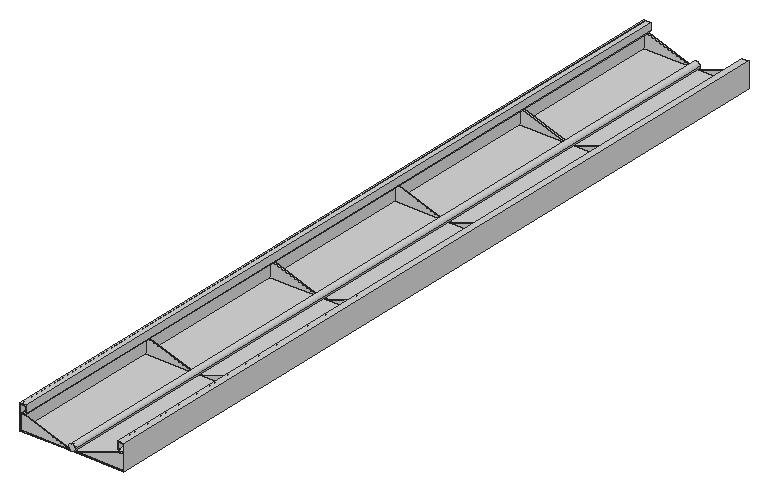
Revit family "LGW_LGW HINGED INS CORNER 3_1923515", category Generic Models, Revit 2018
Family settings
  Can host rebar = No
  Round Connector Dimension = Use Diameter
  Part Type = Normal
  OmniClass Number = 35.51.14.00
  OmniClass Title = FORMWORK
  Work Plane-Based = Yes
  Always vertical = No
  Cut with Voids When Loaded = No
  Shared = Yes
  Room Calculation Point = No
Parameters
  VERSION = "20190101"  # constant formula
  URL = "www.ulmaconstruction.com/en"
  UNICLASS = ""
  REAL ANGLE [instance] = if(ANGLE < 51.00°, 51.00°, if(ANGLE < 245.00°, ANGLE, 245.00°))  # 180.00°
  ITEM_CODE = "1923515"
  Manufacturer = "ULMA CONSTRUCTION"  # constant formula
  INSERTION PLANE POSITION [instance] = if(26.207 mm - INSERTION PLANE CALCULATION < 0.000 mm, 0.000 mm, 26.207 mm - INSERTION PLANE CALCULATION)  # 26.207 mm
  INSERTION PLANE CALCULATION [instance] = if(REAL ANGLE = 180.00°, 0.000 mm, (12.500 mm * sin(90.00° - REAL ANGLE) + 12.500 mm) * tan(90.00° - REAL ANGLE) + 12.500 mm * cos(90.00° - REAL ANGLE))  # 0.000 mm
  FILTER [instance] = ""
  Default Elevation = 0.000 mm
  CLASSIFICATION_TITLE = ""
  CLASSIFICATION_NUMBER = ""
  ANGLE [instance] = 180.00°
Reference planes
  plane 1 "Centro (Frontal/Posterior)": y = 0
  plane 2: z = 0
  plane 3 "Centro (Izquierda/Derecha)": x = 0
  plane 4 "ITEM_HEIGHT": y = 3000
  plane 5 "CENTER": z = 12.5
  plane 6 "INSERTION PLANE": x = 0
  plane 7 "INSERTION PLANE BASE": x = 26.207
Lines and regions (mm)
  reference lines
    curve 1: line (0, 0, 12.5) -> (311.15, 0, 12.5)
Dimensions and locks
  locked: plane 1 "Centro (Frontal/Posterior)" to plane 4 "ITEM_HEIGHT" at 3000
  locked: plane 7 "INSERTION PLANE BASE" to plane 3 "Centro (Izquierda/Derecha)" at 26.207
  "INSERTION PLANE POSITION": plane 7 "INSERTION PLANE BASE" to plane 6 "INSERTION PLANE"
  "REAL ANGLE": angle curve 1 to plane 5 "CENTER"
  aligned and locked: level to plane 2
  aligned and locked: plane 3 "Centro (Izquierda/Derecha)" to curve 1
  aligned and locked: plane 5 "CENTER" to curve 1
  aligned and locked: plane 4 "ITEM_HEIGHT" to nested 2
Nested families
  nested 1: "MEDIA ESCUADRA 3000 - 1923519_PANELS" at (0, 0, 0), type "MEDIA ESCUADRA 3000 - 1923519_PANELS"
    with FILTER ""
  nested 2: "MEDIA ESCUADRA 3000 - 1923519_PANELS" at (0, 3000, 0) x (-1, 0, 0) z (0, 0, 1), type "MEDIA ESCUADRA 3000 - 1923519_PANELS"
    with FILTER ""
Definition of nested family "MEDIA ESCUADRA 3000 - 1923519_PANELS"
  Parameters (values of type "MEDIA ESCUADRA 3000 - 1923519_PANELS")
    VERSION = "20190101"  # constant formula
    URL = "www.ulmaconstruction.com/en"
    UNICLASS = ""
    Manufacturer = "ULMA CONSTRUCTION"  # constant formula
    FILTER [instance] = ""
    Default Elevation = 0.000 mm
    CLASSIFICATION_TITLE = ""
    CLASSIFICATION_NUMBER = ""
  Reference planes
    plane 1 "Centro (Frontal/Posterior)": y = 0
    plane 2: z = 0
    plane 3 "Centro (Izquierda/Derecha)": x = 0
  Forms (mm)
    Extrusion 1, solid, detail levels fine
      sketch origin (0, 0, 0) x (1, 0, 0) y (0, 0, 1)
        loop
          line (-200, 96.5) -> (-200, 0) -> (-8, 0) -> (-8, 2.5) -> (-197.5, 2.5) -> (-197.5, 59) -> (-184, 59) -> (-175, 68) -> (-175, 96.5) -> (-200, 96.5)
        loop
          line (-177.5, 94) -> (-197.5, 94) -> (-197.5, 61.5) -> (-185.036, 61.5) -> (-177.5, 69.036) -> (-177.5, 94)
      from -3000 to 0
    Extrusion 2, solid, detail levels fine
      sketch origin (0, 0, 0) x (1, 0, 0) y (0, 0, 1)
        loop
          line (-12.5, 2.5) -> (-184, 59) -> (-197.5, 59) -> (-197.5, 2.5) -> (-12.5, 2.5)
      from -4 to 0
    Extrusion 3, solid, detail levels fine
      sketch origin (0, 205, 0) x (1, 0, 0) y (0, 0, 1)
        loop
          line (-12.5, 2.5) -> (-184, 59) -> (-197.5, 59) -> (-197.5, 2.5) -> (-12.5, 2.5)
      from -397 to -393
    Extrusion 4, solid, detail levels fine
      sketch origin (0, 1165, 0) x (1, 0, 0) y (0, 0, 1)
        loop
          line (-12.5, 2.5) -> (-184, 59) -> (-197.5, 59) -> (-197.5, 2.5) -> (-12.5, 2.5)
      from -37 to -33
    Extrusion 5, solid, detail levels fine
      sketch origin (0, 1745, 0) x (1, 0, 0) y (0, 0, 1)
        loop
          line (-12.5, 2.5) -> (-184, 59) -> (-197.5, 59) -> (-197.5, 2.5) -> (-12.5, 2.5)
      from -57 to -53
    Extrusion 6, solid, detail levels fine
      sketch origin (0, 2345, 0) x (1, 0, 0) y (0, 0, 1)
        loop
          line (-12.5, 2.5) -> (-184, 59) -> (-197.5, 59) -> (-197.5, 2.5) -> (-12.5, 2.5)
      from -57 to -53
    Extrusion 7, solid, detail levels fine
      sketch origin (0, 2945, 0) x (1, 0, 0) y (0, 0, 1)
        loop
          line (-12.5, 2.5) -> (-184, 59) -> (-197.5, 59) -> (-197.5, 2.5) -> (-12.5, 2.5)
      from -55 to -51
    Extrusion 8, solid
      sketch origin (0, 0, 0) x (1, 0, 0) y (0, 0, 1)
        loop
          circle (0, 12.5) r 12.5
      from -3000 to 0
    Extrusion 9, solid, detail levels coarse+medium
      sketch origin (0, 0, 0) x (1, 0, 0) y (0, 0, 1)
        loop
          line (-200, 96.5) -> (-200, 0) -> (-8, 0) -> (-175, 55.983) -> (-175, 96.5) -> (-200, 96.5)
      from -3000 to 0
  Lines and regions (mm)
    model lines, detail levels fine
      curve 1: circle (-162.5, 0, 27.5) r 10 normal (0, -1, 0)
      curve 2: circle (-162.5, 598, 27.5) r 10 normal (0, -1, 0)
      curve 3: circle (-162.5, 1198, 27.5) r 10 normal (0, -1, 0)
      curve 4: circle (-162.5, 1798, 27.5) r 10 normal (0, -1, 0)
      curve 5: circle (-162.5, 2398, 27.5) r 10 normal (0, -1, 0)
      curve 6: circle (-162.5, 2996, 27.5) r 10 normal (0, -1, 0)
      curve 7: circle (-162.5, 4, 27.5) r 10 normal (0, -1, 0)
      curve 8: circle (-162.5, 602, 27.5) r 10 normal (0, -1, 0)
      curve 9: circle (-162.5, 1202, 27.5) r 10 normal (0, -1, 0)
      curve 10: circle (-162.5, 1802, 27.5) r 10 normal (0, -1, 0)
      curve 11: circle (-162.5, 2402, 27.5) r 10 normal (0, -1, 0)
      curve 12: circle (-162.5, 3000, 27.5) r 10 normal (0, -1, 0)
      curve 13: circle (-197.5, 2700, 42) r 10 normal (1, 0, 0)
      curve 14: circle (-197.5, 2200, 42) r 10 normal (1, 0, 0)
      curve 15: circle (-197.5, 1500, 42) r 10 normal (1, 0, 0)
      curve 16: circle (-197.5, 800, 42) r 10 normal (1, 0, 0)
      curve 17: circle (-197.5, 300, 42) r 10 normal (1, 0, 0)
      curve 18: circle (-200, 2700, 42) r 10 normal (1, 0, 0)
      curve 19: circle (-200, 2200, 42) r 10 normal (1, 0, 0)
      curve 20: circle (-200, 1500, 42) r 10 normal (1, 0, 0)
      curve 21: circle (-200, 800, 42) r 10 normal (1, 0, 0)
      curve 22: circle (-200, 300, 42) r 10 normal (1, 0, 0)
  Dimensions and locks
    aligned and locked: level to plane 2
